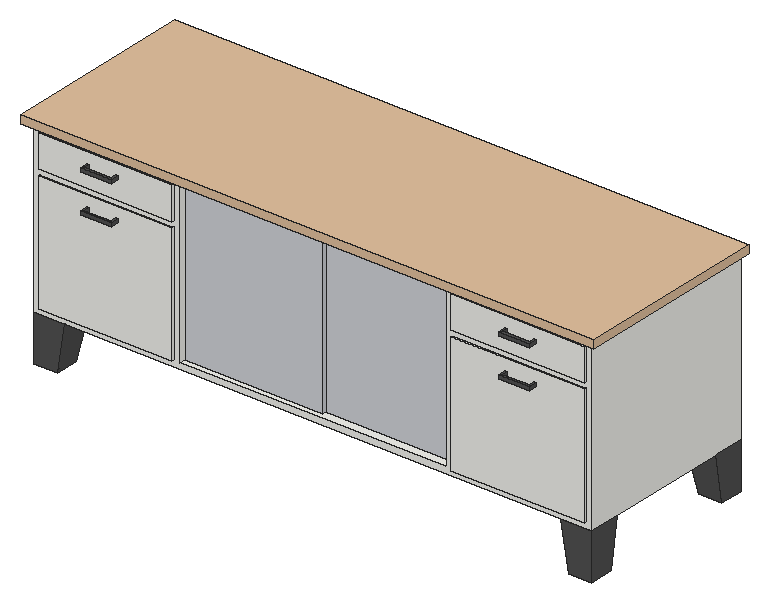
Revit family "M_Aparador", category Mobiliário, Revit 2019
Family settings
  Número OmniClass = 23.40.20.24.17
  Título OmniClass = Sideboards
  ID de item do Seek = Credenza-0000-CAN-ENU
  Com base no plano de trabalho = Não
  Sempre na vertical = Sim
  Corte com vazios quando carregada = Não
  Compartilhado = Sim
  Ponto de cálculo do ambiente = Não
Parameters (values of type "1830 x 0610mm")
  Linear = 610.00 mm
  Corpo da mesa = Laminado - Marfim, Fosco
  Material Puxador/Perna = Aço, Cromo polido
  Material superior = Cerejeira
  Altura = 734.00 mm
  Largura = 1830.00 mm
Types (3, lengths in mm): name | Largura
  (no name) | 1830.00
  1830 x 0610mm | 1830.00
  1525 x 0610mm | 1525.00
Reference planes
  plane 1 "Centro (Frente/Trás)": y = 4.58
  plane 2: z = 0
  plane 3 "Centro (Esquerda/Direita)": x = 59.544
  plane 4 "Parte posterior": y = 309.58
  plane 5 "Parte frontal": y = -300.42
  plane 6 "Direita": x = 974.544
  plane 7 "Esquerda": x = -855.456
  plane 8 "Superior": z = 734
  plane 9: z = 152.4
  plane 10: x = -397.956
  plane 11: x = 517.044
  plane 12: y = -306.77
  plane 13: y = 290.33
  plane 14: x = 745.794
  plane 15: z = 654.137
  plane 16: z = 527.05
  plane 17: x = 694.544
  plane 18: x = -626.706
  plane 19: z = 654.05
  plane 20: z = 527.05
Forms (mm)
  Extrusion 1, solid, material "Cerejeira" <- "Material superior"
    sketch origin (0, 0, 0) x (1, 0, 0) y (0, 1, 0)
      loop
        line (-880.856, 309.58) -> (-880.856, -325.82) -> (999.944, -325.82) -> (999.944, 309.58) -> (-880.856, 309.58)
    from 708.6 to 734
  Extrusion 2, solid, material "Laminado - Marfim, Fosco" <- "Corpo da mesa"
    sketch origin (0, 0, 0) x (1, 0, 0) y (0, 1, 0)
      loop
        line (-855.456, 309.58) -> (-855.456, -300.42) -> (974.544, -300.42) -> (974.544, 309.58) -> (-855.456, 309.58)
    from 152.4 to 708.6
  Blend 3, solid, material "Aço, Cromo polido" <- "Material Puxador/Perna"
    base sketch origin (-854.856, 614.18, 0) x (1, 0, 0) y (0, 1, 0)
      loop
        line (1829.4, -914.6) -> (1829.4, -838.4) -> (1753.2, -838.4) -> (1753.2, -914.6) -> (1829.4, -914.6)
    top sketch origin (-854.856, 614.18, 0) x (1, 0, 0) y (0, 1, 0)
      loop
        line (1829.4, -914.6) -> (1829.4, -813) -> (1727.8, -813) -> (1727.8, -914.6) -> (1829.4, -914.6)
    from 0 to 152.4
  Blend 4, solid, material "Aço, Cromo polido" <- "Material Puxador/Perna"
    base sketch origin (973.944, -605.02, 0) x (-1, 0, 0) y (0, -1, 0)
      loop
        line (1829.4, -914.6) -> (1829.4, -838.4) -> (1753.2, -838.4) -> (1753.2, -914.6) -> (1829.4, -914.6)
    top sketch origin (973.944, -605.02, 0) x (-1, 0, 0) y (0, -1, 0)
      loop
        line (1829.4, -914.6) -> (1829.4, -813) -> (1727.8, -813) -> (1727.8, -914.6) -> (1829.4, -914.6)
    from 0 to 152.4
  Blend 5, solid, material "Aço, Cromo polido" <- "Material Puxador/Perna"
    base sketch origin (973.944, 614.18, 0) x (-1, 0, 0) y (0, -1, 0)
      loop
        line (1829.4, 914.6) -> (1753.2, 914.6) -> (1753.2, 838.4) -> (1829.4, 838.4) -> (1829.4, 914.6)
    top sketch origin (973.944, 614.18, 0) x (-1, 0, 0) y (0, -1, 0)
      loop
        line (1829.4, 914.6) -> (1727.8, 914.6) -> (1727.8, 813) -> (1829.4, 813) -> (1829.4, 914.6)
    from 0 to 152.4
  Extrusion 6, solid, material "Laminado - Marfim, Fosco" <- "Corpo da mesa"
    sketch origin (1143, 309.58, 0) x (1, 0, 0) y (0, 0, 1)
      loop
        line (-1979.406, 689.55) -> (-1979.406, 581.6) -> (-1540.956, 581.6) -> (-1540.956, 689.55) -> (-1979.406, 689.55)
      loop
        line (-1540.956, 171.45) -> (-1540.956, 562.55) -> (-1979.406, 562.55) -> (-1979.406, 171.45) -> (-1540.956, 171.45)
    from 610 to 616.35
  Extrusion 7, solid, material "Laminado - Marfim, Fosco" <- "Corpo da mesa"
    sketch origin (1143, 309.58, 0) x (1, 0, 0) y (0, 0, 1)
      loop
        line (-625.956, 689.55) -> (-625.956, 584.2) -> (-187.506, 584.2) -> (-187.506, 689.55) -> (-625.956, 689.55)
      loop
        line (-187.506, 171.45) -> (-187.506, 565.15) -> (-625.956, 565.15) -> (-625.956, 171.45) -> (-187.506, 171.45)
    from 609.6 to 615.95
  Blend 8, solid, material "Aço, Cromo polido" <- "Material Puxador/Perna"
    base sketch origin (-854.856, -605.02, 0) x (1, 0, 0) y (0, 1, 0)
      loop
        line (1829.4, 914.6) -> (1753.2, 914.6) -> (1753.2, 838.4) -> (1829.4, 838.4) -> (1829.4, 914.6)
    top sketch origin (-854.856, -605.02, 0) x (1, 0, 0) y (0, 1, 0)
      loop
        line (1829.4, 914.6) -> (1727.8, 914.6) -> (1727.8, 813) -> (1829.4, 813) -> (1829.4, 914.6)
    from 0 to 152.4
  Extrusion 9, void
    sketch origin (1143, 309.58, 0) x (1, 0, 0) y (0, 0, 1)
      loop
        line (-1521.906, 689.55) -> (-1521.906, 171.45) -> (-645.006, 171.45) -> (-645.006, 689.55) -> (-1521.906, 689.55)
    from 19.25 to 610
  Extrusion 10, solid
    sketch origin (1143, 309.58, 0) x (1, 0, 0) y (0, 0, 1)
      loop
        line (-1069.375, 689.55) -> (-1521.906, 689.55) -> (-1521.906, 171.45) -> (-1069.375, 171.45) -> (-1069.375, 689.55)
    from 576.652 to 589.352
  Extrusion 11, solid
    sketch origin (34.008, -300.42, 0) x (1, 0, 0) y (0, 0, 1)
      loop
        line (497.994, 689.55) -> (12.836, 689.55) -> (12.836, 171.45) -> (497.994, 171.45) -> (497.994, 689.55)
    from -45.648 to -33.348
  Sweep 12, solid, material "Aço, Cromo polido" <- "Material Puxador/Perna"
    path origin (0, 0, 0) x (1, 0, 0) y (0, 1, 0)
      loop
        line (694.994, -306.77) -> (694.994, -332.17) -> (796.594, -332.17) -> (796.594, -306.77)
    profile origin (0, -319.47, 0) x (1, 0, 0) y (0, 0, 1)
      loop
        line (694.994, 654.137) -> (694.994, 641.437) -> (701.344, 641.437) -> (701.344, 654.137) -> (694.994, 654.137)
      loop
        line (694.994, 527.05) -> (694.994, 514.35) -> (701.344, 514.35) -> (701.344, 527.05) -> (694.994, 527.05)
  Sweep 13, solid, material "Aço, Cromo polido" <- "Material Puxador/Perna"
    path origin (0, 0, 0) x (1, 0, 0) y (0, 1, 0)
      loop
        line (-677.506, -306.77) -> (-677.506, -332.17) -> (-575.906, -332.17) -> (-575.906, -306.77)
    profile origin (0, -319.47, 0) x (1, 0, 0) y (0, 0, 1)
      loop
        line (-677.506, 527.05) -> (-677.506, 514.35) -> (-671.156, 514.35) -> (-671.156, 527.05) -> (-677.506, 527.05)
      loop
        line (-677.506, 654.05) -> (-677.506, 641.35) -> (-671.156, 641.35) -> (-671.156, 654.05) -> (-677.506, 654.05)
Cuts and joins
  Extrusion 9 cuts Extrusion 1
  Extrusion 9 cuts Extrusion 2
  Extrusion 9 cuts Blend 3
  Extrusion 9 cuts Blend 4
  Extrusion 9 cuts Blend 5
  Extrusion 9 cuts Extrusion 6
  Extrusion 9 cuts Extrusion 7
  Extrusion 9 cuts Blend 8
Lines and regions (mm)
  Masking region 1
    outline origin (0, 0, 0) x (1, 0, 0) y (0, 1, 0)
      loop
        line (-855.456, 290.33) -> (-855.456, -306.77) -> (974.544, -306.77) -> (974.544, 290.33) -> (-855.456, 290.33)
  symbolic lines
    curve 1: line (-582.256, -306.77, 0) -> (-582.256, -325.82, 0)
    curve 2: line (-671.156, -325.82, 0) -> (-671.156, -306.77, 0)
    curve 3: line (-582.256, -325.82, 0) -> (-671.156, -325.82, 0)
    curve 4: line (790.244, -306.77, 0) -> (790.244, -325.82, 0)
    curve 5: line (701.344, -325.82, 0) -> (701.344, -306.77, 0)
    curve 6: line (790.244, -325.82, 0) -> (701.344, -325.82, 0)
Dimensions and locks
  equal spacing: plane 7 "Esquerda", plane 3 "Centro (Esquerda/Direita)", plane 6 "Direita"
  equal spacing: plane 5 "Parte frontal", plane 1 "Centro (Frente/Trás)", plane 4 "Parte posterior"
  "Largura": plane 7 "Esquerda" to plane 6 "Direita"
  "Linear": plane 5 "Parte frontal" to plane 4 "Parte posterior"
  "Altura": plane 8 "Superior" to plane 2
  locked: Extrusion 1 to Extrusion 1 at 25.4
  locked: plane 9 to plane 2 at 152.4
  equal spacing: plane 7 "Esquerda", plane 10, plane 3 "Centro (Esquerda/Direita)"
  equal spacing: plane 6 "Direita", plane 11, plane 3 "Centro (Esquerda/Direita)"
  plane 12 to plane 5 "Parte frontal" = 6.35 mm
  Extrusion 1 to Extrusion 6 sketch curve = 19.05 mm
  equal spacing: plane 11, plane 14, plane 6 "Direita"
  equal spacing: plane 7 "Esquerda", plane 18, plane 10
  aligned and locked: Extrusion 1 to plane 8 "Superior"
  aligned and locked: Extrusion 2 to Extrusion 1
  aligned and locked: plane 6 "Direita" to Extrusion 2 sketch curve
  aligned and locked: Extrusion 2 sketch curve to plane 5 "Parte frontal"
  aligned and locked: Extrusion 1 sketch curve to plane 4 "Parte posterior"
  aligned and locked: Extrusion 6 to plane 5 "Parte frontal"
  aligned and locked: Extrusion 6 to plane 12
  aligned and locked: plane 5 "Parte frontal" to Extrusion 9
  aligned and locked: plane 13 to Extrusion 9
  aligned and locked: Extrusion 11 to Extrusion 10
  aligned and locked: Masking region 1 sketch curve to plane 7 "Esquerda"
  aligned and locked: Masking region 1 sketch curve to plane 13
  aligned and locked: plane 6 "Direita" to Masking region 1 sketch curve
  aligned and locked: plane 12 to Masking region 1 sketch curve
Automatic sketch dimensions
  Blend 3 sketch curve to plane 5 "Parte frontal" = 0.00 mm  (x2)
  Blend 3 sketch curve to plane 6 "Direita" = 0.00 mm  (x2)
  Blend 3 sketch curve to Blend 3 sketch curve = 76.20 mm  (x2)
  Blend 3 sketch curve to Blend 3 sketch curve = 101.60 mm  (x2)
  Blend 4 sketch curve to plane 4 "Parte posterior" = 0.00 mm  (x2)
  Blend 4 sketch curve to plane 7 "Esquerda" = 0.00 mm  (x2)
  Blend 4 sketch curve to Blend 4 sketch curve = 76.20 mm  (x2)
  Blend 4 sketch curve to Blend 4 sketch curve = 101.60 mm  (x2)
  Blend 5 sketch curve to plane 5 "Parte frontal" = 0.00 mm  (x2)
  Blend 5 sketch curve to plane 7 "Esquerda" = 0.00 mm  (x2)
  Blend 5 sketch curve to Blend 5 sketch curve = 76.20 mm  (x2)
  Blend 5 sketch curve to Blend 5 sketch curve = 101.60 mm  (x2)
  plane 5 "Parte frontal" to Extrusion 1 sketch curve = 25.40 mm
  plane 7 "Esquerda" to Extrusion 1 sketch curve = 25.40 mm
  Extrusion 1 sketch curve to plane 6 "Direita" = 25.40 mm
  Blend 8 sketch curve to plane 4 "Parte posterior" = 0.00 mm  (x2)
  Blend 8 sketch curve to plane 6 "Direita" = 0.00 mm  (x2)
  Blend 8 sketch curve to Blend 8 sketch curve = 76.20 mm  (x2)
  Blend 8 sketch curve to Blend 8 sketch curve = 101.60 mm  (x2)
  Extrusion 9 sketch curve to plane 10 = 19.05 mm
  plane 11 to Extrusion 9 sketch curve = 19.05 mm
  Extrusion 9 sketch curve to plane 9 = 19.05 mm
  plane 8 "Superior" to Extrusion 9 sketch curve = 44.45 mm
  plane 3 "Centro (Esquerda/Direita)" to Extrusion 10 sketch curve = 14.081 mm
  Extrusion 10 sketch curve to plane 9 = 19.05 mm
  Extrusion 10 sketch curve to plane 10 = 19.05 mm
  plane 8 "Superior" to Extrusion 10 sketch curve = 44.45 mm
  Extrusion 11 sketch curve to plane 3 "Centro (Esquerda/Direita)" = 12.70 mm
  Extrusion 11 sketch curve to plane 9 = 19.05 mm
  Extrusion 11 sketch curve to plane 11 = 14.958 mm
  plane 8 "Superior" to Extrusion 11 sketch curve = 44.45 mm
  Extrusion 7 sketch curve to plane 11 = 0.00 mm  (x2)
  plane 6 "Direita" to Extrusion 7 sketch curve = 19.05 mm  (x2)
  Extrusion 7 sketch curve to plane 9 = 19.05 mm
  Extrusion 7 sketch curve to Extrusion 7 sketch curve = 393.70 mm
  Extrusion 7 sketch curve to Extrusion 7 sketch curve = 19.05 mm
  plane 8 "Superior" to Extrusion 7 sketch curve = 44.45 mm
  Extrusion 6 sketch curve to plane 10 = 0.00 mm  (x2)
  Extrusion 6 sketch curve to plane 7 "Esquerda" = 19.05 mm
  Extrusion 6 sketch curve to Extrusion 6 sketch curve = 0.00 mm
  Extrusion 6 sketch curve to Extrusion 6 sketch curve = 107.95 mm
  Extrusion 6 sketch curve to Extrusion 6 sketch curve = 19.05 mm
  Extrusion 6 sketch curve to plane 9 = 19.05 mm
  Sweep 12 sketch curve to plane 12 = 0.00 mm  (x2)
  Sweep 12 sketch curve to plane 12 = 25.40 mm
  Sweep 12 sketch curve to plane 14 = 50.80 mm
  plane 14 to Sweep 12 sketch curve = 50.80 mm
  Sweep 12 sketch curve to profile plane = 0.00 mm  (x2)
  Sweep 12 sketch curve to plane 16 = 0.00 mm
  Sweep 12 sketch curve to plane 15 = 0.00 mm
  Sweep 12 sketch curve to profile plane = 6.35 mm  (x2)
  plane 16 to Sweep 12 sketch curve = 12.70 mm
  plane 15 to Sweep 12 sketch curve = 12.70 mm
  Sweep 13 sketch curve to plane 12 = 0.00 mm  (x2)
  Sweep 13 sketch curve to plane 12 = 25.40 mm
  Sweep 13 sketch curve to plane 18 = 50.80 mm
  plane 18 to Sweep 13 sketch curve = 50.80 mm
  Sweep 13 sketch curve to profile plane = 0.00 mm  (x2)
  Sweep 13 sketch curve to plane 19 = 0.00 mm
  Sweep 13 sketch curve to plane 20 = 0.00 mm
  Sweep 13 sketch curve to profile plane = 6.35 mm  (x2)
  plane 20 to Sweep 13 sketch curve = 12.70 mm
  Sweep 13 sketch curve to Sweep 13 sketch curve = 12.70 mm
  Extrusion 2 sketch curve to plane 7 "Esquerda" = 0.00 mm
  Extrusion 2 sketch curve to plane 4 "Parte posterior" = 0.00 mm
  curve 1 to plane 12 = 0.00 mm
  curve 1 to plane 12 = 19.05 mm
  plane 18 to curve 1 = 44.45 mm
  curve 2 to plane 12 = 0.00 mm
  curve 2 to plane 18 = 44.45 mm
  curve 4 to plane 12 = 0.00 mm
  plane 14 to curve 4 = 44.45 mm
  curve 5 to plane 12 = 0.00 mm
  curve 5 to plane 12 = 19.05 mm
  curve 5 to plane 14 = 44.45 mm
